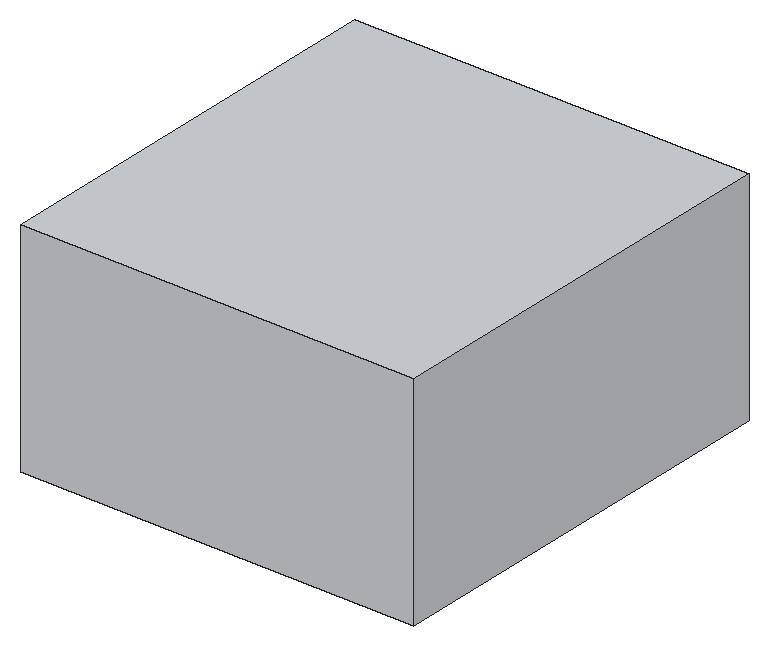
Revit family "M_Caixa de junção de conduíte - Cotovelo - PVC", category Conexões do conduite, Revit 2019
Family settings
  Cota do conector redondo = Usar raio
  Tipo de parte = Cotovelo da caixa de conexões
  Número OmniClass = 23.80.30.17.11
  Título OmniClass = Conduits
  ID de item do Seek = Conduit Junction Box - Elbow - PVC-0000-CAN-ENU
  Com base no plano de trabalho = Não
  Sempre na vertical = Sim
  Corte com vazios quando carregada = Não
  Compartilhado = Não
Parameters (values of type "Padrão")
  Largura [instance] = if(not(Diâmetro nominal máximo 12 > 27 mm), 121 mm, 6 * Diâmetro nominal máximo 12)  # 121 mm
  Raio nominal 2 [instance] = 8 mm
  Raio nominal 1 [instance] = 8 mm
  Diâmetro nominal 2 [instance] = Raio nominal 2 * 2  # 16 mm
  Diâmetro nominal 1 [instance] = Raio nominal 1 * 2  # 16 mm
  Diâmetro nominal máximo 12 [instance] = if(Diâmetro nominal 1 > Diâmetro nominal 2, Diâmetro nominal 1, Diâmetro nominal 2)  # 16 mm
  Altura [instance] = if(not(Diâmetro nominal máximo 12 > 27 mm), 64 mm, if(Diâmetro nominal máximo 12 < 155 mm, 152 mm, Diâmetro nominal máximo 12 * 1.2))  # 64 mm
  Comprimento [instance] = if(not(Diâmetro nominal máximo 12 > 27 mm), 114 mm, 8 * Diâmetro nominal máximo 12)  # 114 mm
Reference planes
  plane 1 "Centro (Frente/Trás)": y = 0
  plane 2: z = 0
  plane 3 "Centro (Esquerda/Direita)": x = 0
  plane 4: x = -57
  plane 5: x = 57
  plane 6: y = 60.5
  plane 7: y = -60.5
  plane 8: z = 32
  plane 9: z = -32
Forms (mm)
  Extrusion 1, solid
    sketch origin (584.2, 0, 0) x (1, 0, 0) y (0, 1, 0)
      loop
        line (-641.2, 60.5) -> (-641.2, -60.5) -> (-527.2, -60.5) -> (-527.2, 60.5) -> (-641.2, 60.5)
    from -32 to 32
Dimensions and locks
  "Comprimento": plane 4 to plane 5
  "Largura": plane 6 to plane 7
  equal spacing: plane 8, plane 2, plane 9
  "Altura": plane 8 to plane 9
  equal spacing: plane 6, plane 1 "Centro (Frente/Trás)", plane 7
  equal spacing: plane 4, plane 3 "Centro (Esquerda/Direita)", plane 5
  aligned and locked: Extrusion 1 sketch curve to plane 6
  aligned and locked: plane 4 to Extrusion 1 sketch curve
  aligned and locked: plane 7 to Extrusion 1 sketch curve
  aligned and locked: Extrusion 1 sketch curve to plane 5
  aligned and locked: Extrusion 1 to plane 9
  aligned and locked: plane 8 to Extrusion 1
Connectors
  cabletrayconduit at (-57, 0, 0), diameter 16, driven by "Raio nominal 1"
    settings: on Extrusion 1, index 1, connector width 304.8 mm, connector height 304.8 mm, connector angle 0.00°, system type 32, placement type 0, profile type 0, connector reference index 2, is primary connector yes, connector utility param no, connector description ""
  cabletrayconduit at (0, 60.5, 0), diameter 16, driven by "Raio nominal 2"
    settings: on Extrusion 1, index 2, connector width 304.8 mm, connector height 304.8 mm, connector angle 0.00°, system type 32, placement type 0, profile type 0, connector reference index 1, is primary connector no, connector utility param no, connector description ""
